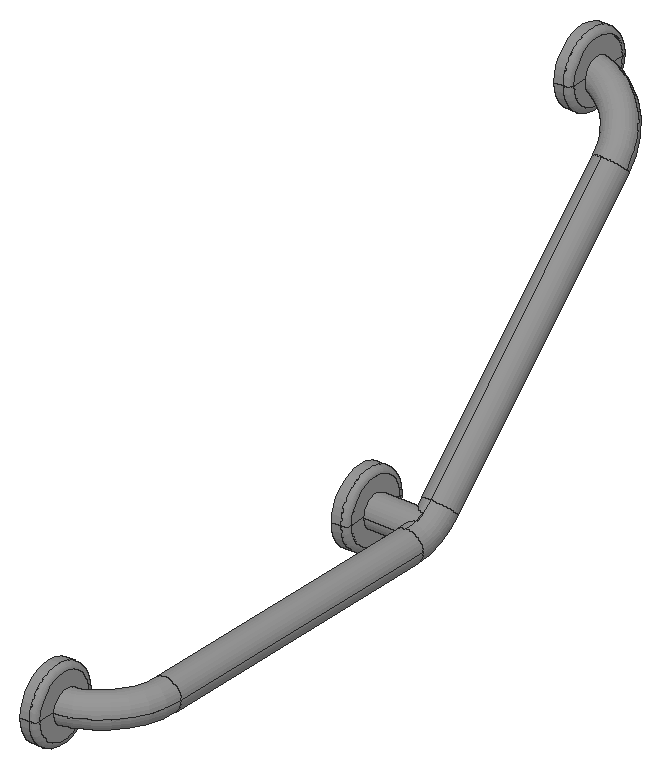
Revit family "60324_PRESTO_Barre coudée à 135° diamètre 32 mm_FR", category Appareils sanitaires, Revit 2018
Family settings
  Cote de connecteur circulaire = Utiliser le diamètre
  Type d'élément = Normal
  Basée sur le plan de construction = Non
  Toujours verticalement = Oui
  Couper avec des vides une fois chargée = Non
  Partagée = Non
  Point de calcul de pièce = Non
Parameters (values of type "60324 PRESTO Barre coudée à 135° diamètre 32 mm")
  Variantes = "60324"
  Keynote = ""
  Garantie = "3"
  URL Fabricant = "http://www.prestodatashare.com/centretelechargement/index.php?lang=FR&refs=60324"
  URL = "http://www.prestodatashare.com/centretelechargement/index.php?lang=FR&refs=60324"
  Lien notice d'utilisation = "http://www.prestodatashare.com/centretelechargement/support.php?lang=FR&ref=60324"
  Lien fiche produit = "http://www.prestodatashare.com/espacedoc/Fiches_Techniques/FR/60324.pdf"
  Reference = "60324"
  Pression = ""
  Profondeur = 757.979 mm
  Modèle = "60324 PRESTO BARRE 135° INOX Ø32MM"
  Matériau = PRESTO métal
  Lien CCTP = "http://www.prestodatashare.com/centretelechargement/index.php?lang=FR&refs=60324"
  Largeur = 82 mm
  Hauteur = 358.843 mm
  Fonction = "Dimensions :\r\n- Diamètre : 32 mm\r\n- Longueur : 400 x 400 mm\r\n\r\nMatière et couleur de finition :\r\n- Tube acier inox 304\r\n- Platine de fixation inox 304 soudée\r\n- Finition inox brossé\r\n\r\nLivré avec :\r\n- Rosaces en acier inox 304 permettant de dissimuler les vis de fixation\r\n\r\nNormes / Agréments :\r\n- Résistance au brouillard salin neutre (NSS) : 200 h selon NF ISO 9227"
  Finition = "- Tube acier inox 304\r\n- Platine de fixation inox 304 soudée\r\n- Finition poli satin"
  Fabricant = "LES ROBINETS PRESTO S.A."
  Description = "Barre de relèvement pour WC. De type presto réf. 60324 ou techniquement équivalent. Avec angle 135°, 3 points de fixation. En inox 304 brossé, de diamètre 32 mm et de longueur 400 x 400 mm. Livrée avec rosaces de finition à clipser."
  Debit = ""
  Raccordement = ""
  Adresse = "7, RUE RACINE - 92542 MONTROUGE CEDEX FRANCE"
Reference planes
  plane 1 "Centre (avant/arrière)": y = 0
  plane 2: z = 0
  plane 3 "Centre (gauche/droite)": x = 0
  plane 4: y = -757.979
  plane 5: x = 82
  plane 6: z = 358.843
  plane 7: z = 38
  plane 8: z = 320.843
Forms (mm)
  Extrusion 1, solid, material "PRESTO métal" <- "Matériau", detail levels coarse
    sketch origin (0, 0, 0) x (1, 0, 0) y (0, 1, 0)
      loop
        line (0, 0) -> (0, -757.979) -> (82, -757.979) -> (82, 0) -> (0, 0)
    from 0 to 358.843
  Revolve 2, solid, material "PRESTO métal" <- "Matériau", detail levels medium+fine
    sketch origin (0, -473.245, 321.65) x (1, 0, 0) y (0, 1, 0)
      loop
        line (15.6, 436.108) -> (0, 436.108) -> (0, 398.915) -> (9.585, 398.915)
        arc (9.585, 398.915) -> (13.838, 400.677) -> (15.6, 404.93) r 6.015
        line (15.6, 404.93) -> (15.6, 436.108)
      axis (0, 436.108) -> (15.6, 436.108)
    angle from 0 to 360
  Revolve 3, solid, material "PRESTO métal" <- "Matériau", detail levels medium+fine
    sketch origin (0, -757.979, 43.374) x (1, 0, 0) y (0, 1, 0)
      loop
        line (66, 420.108) -> (66, 436.108) -> (0, 436.108) -> (0, 398.915) -> (9.585, 398.915)
        arc (9.585, 398.915) -> (13.838, 400.677) -> (15.6, 404.93) r 6.015
        line (15.6, 404.93) -> (15.6, 420.108) -> (66, 420.108)
      axis (66, 436.108) -> (0, 436.108)
    angle from 0 to 360
  Revolve 4, solid, material "PRESTO métal" <- "Matériau", detail levels medium+fine
    sketch origin (0, -1156.087, 38.807) x (1, 0, 0) y (0, 1, 0)
      loop
        line (15.6, 436.108) -> (0, 436.108) -> (0, 398.915) -> (9.585, 398.915)
        arc (9.585, 398.915) -> (13.838, 400.677) -> (15.6, 404.93) r 6.015
        line (15.6, 404.93) -> (15.6, 436.108)
      axis (0, 436.108) -> (15.6, 436.108)
    angle from 0 to 360
  Sweep 5, solid, material "PRESTO métal" <- "Matériau", detail levels medium+fine
    path origin (0, 0, 0) x (1, 0, 0) y (0, 1, 0)
      loop
        arc (0, -719.979) -> (46.669, -700.648) -> (66, -653.979) r 66
        line (66, -653.979) -> (66, -344.832)
    profile origin (66, -499.405, 0) x (-1, 0, 0) y (0, 0, 1)
      loop
        circle (0, 38) r 16
  Sweep 6, solid, material "PRESTO métal" <- "Matériau", detail levels medium+fine
    path origin (0, 0, 0) x (0, 1, 0) y (0, 0, 1)
      loop
        line (-653.979, 38) -> (-344.832, 38)
        arc (-344.832, 38) -> (-321.871, 42.567) -> (-302.405, 55.574) r 60
        line (-302.405, 55.574) -> (-83.805, 274.174)
    profile origin (0, -499.405, 38) x (0, 0, 1) y (1, 0, 0)
      loop
        circle (0, 66) r 16
  Sweep 7, solid, material "PRESTO métal" <- "Matériau", detail levels medium+fine
    path origin (0, -573.108, -161.389) x (1, 0, 0) y (0, -0.707107, -0.707107)
      loop
        arc (66, -653.979) -> (46.669, -700.648) -> (0, -719.979) r 66
    profile origin (46.669, -77.675, 334.044) x (0.707107, 0.5, 0.5) y (0, 0.707107, -0.707107)
      loop
        circle (0, 38) r 16
Cuts and joins
  joined: Revolve 2, Revolve 3, Revolve 4, Sweep 5, Sweep 6, Sweep 7
Lines and regions (mm)
  Masking region 1, detail levels coarse
    outline origin (0, 0, 0) x (1, 0, 0) y (0, 1, 0)
      loop
        line (0, 0) -> (0, -757.979) -> (82, -757.979) -> (82, 0) -> (0, 0)
  Masking region 2, detail levels medium+fine
    outline origin (0, 0, 0) x (1, 0, 0) y (0, 1, 0)
      loop
        line (15.6, -320.088) -> (15.6, -290.693)
        arc (15.6, -290.693) -> (13.838, -286.44) -> (9.585, -284.678) r 6.015
        line (9.585, -284.678) -> (0, -284.678) -> (0, -321.871) -> (0, -359.064) -> (9.585, -359.064)
        arc (9.585, -359.064) -> (13.838, -357.302) -> (15.6, -353.049) r 6.015
        line (15.6, -353.049) -> (15.6, -320.088)
      loop
        line (15.6, -719.003) -> (15.6, -689.608)
        arc (15.6, -689.608) -> (13.838, -685.355) -> (9.585, -683.593) r 6.015
        line (9.585, -683.593) -> (0, -683.593) -> (0, -720.786) -> (0, -757.979) -> (9.585, -757.979)
        arc (9.585, -757.979) -> (13.838, -756.217) -> (15.6, -751.964) r 6.015
        line (15.6, -751.964) -> (15.6, -719.003)
      loop
        line (15.6, -35.353) -> (15.6, -5.958)
        arc (15.6, -5.958) -> (13.838, -1.705) -> (9.585, 0.057) r 6.015
        line (9.585, 0.057) -> (0, 0.057) -> (0, -37.136) -> (0, -74.329) -> (9.585, -74.329)
        arc (9.585, -74.329) -> (13.838, -72.568) -> (15.6, -68.315) r 6.015
        line (15.6, -68.315) -> (15.6, -35.353)
  Masking region 3, detail levels medium+fine
    outline origin (0, 0, 0) x (1, 0, 0) y (0, 1, 0)
      loop
        line (50, -337.871) -> (50, -321.871) -> (50, -305.871) -> (15.6, -305.871) -> (15.6, -337.871) -> (50, -337.871)
  Masking region 4, detail levels medium+fine
    outline origin (0, 0, 0) x (1, 0, 0) y (0, 1, 0)
      loop
        line (15.6, -701.483) -> (15.6, -734.481)
        arc (15.6, -734.481) -> (63.258, -706.156) -> (82, -653.979) r 82
        line (82, -653.979) -> (82, -102.783)
        arc (82, -102.783) -> (63.258, -50.607) -> (15.6, -22.281) r 82
        line (15.6, -22.281) -> (15.6, -55.279)
        arc (15.6, -55.279) -> (40.497, -73.458) -> (50, -102.783) r 50
        line (50, -102.783) -> (50, -653.979)
        arc (50, -653.979) -> (40.497, -683.305) -> (15.6, -701.483) r 50
Dimensions and locks
  "Profondeur": plane 1 "Centre (avant/arrière)" to plane 4
  "Largeur": plane 3 "Centre (gauche/droite)" to plane 5
  "Hauteur": plane 6 to level
  plane 3 "Centre (gauche/droite)" to plane 5 = 82 mm
  aligned and locked: level to plane 2
  aligned and locked: plane 1 "Centre (avant/arrière)" to Extrusion 1 sketch curve
  aligned and locked: plane 3 "Centre (gauche/droite)" to Extrusion 1 sketch curve
  aligned and locked: plane 4 to Extrusion 1 sketch curve
  aligned and locked: plane 5 to Extrusion 1 sketch curve
  aligned and locked: plane 6 to Extrusion 1
  aligned and locked: Masking region 1 sketch curve to Extrusion 1  (x4)
Automatic sketch dimensions
  Revolve 2 sketch curve to plane 3 "Centre (gauche/droite)" = 0 mm  (x2)
  plane 3 "Centre (gauche/droite)" to Revolve 2 sketch curve = 9.585 mm
  Revolve 2 sketch curve to Revolve 2 sketch curve = 6.015 mm
  plane 1 "Centre (avant/arrière)" to Revolve 2 sketch curve = 74.329 mm
  Revolve 2 sketch curve to Revolve 2 sketch curve = 31.178 mm
  Revolve 2 sketch curve to plane 3 "Centre (gauche/droite)" = 15 mm
  Revolve 2 sketch curve to Revolve 2 sketch curve = 0 mm
  Revolve 3 sketch curve to plane 3 "Centre (gauche/droite)" = 0 mm  (x2)
  Revolve 3 sketch curve to Revolve 3 sketch curve = 9.585 mm
  Revolve 3 sketch curve to Revolve 3 sketch curve = 6.015 mm
  plane 5 to Revolve 3 sketch curve = 16 mm
  plane 1 "Centre (avant/arrière)" to Revolve 3 sketch curve = 359.064 mm
  Revolve 3 sketch curve to Revolve 3 sketch curve = 15.178 mm
  Revolve 3 sketch curve to Revolve 3 sketch curve = 16 mm
  Revolve 3 sketch curve to Revolve 3 sketch curve = 7.037 mm
  Revolve 3 sketch curve to Revolve 3 sketch curve = 0 mm
  Revolve 4 sketch curve to plane 3 "Centre (gauche/droite)" = 0 mm  (x2)
  plane 3 "Centre (gauche/droite)" to Revolve 4 sketch curve = 9.585 mm
  Revolve 4 sketch curve to Revolve 4 sketch curve = 6.015 mm
  plane 4 to Revolve 4 sketch curve = 0.807 mm
  Revolve 4 sketch curve to Revolve 4 sketch curve = 31.178 mm
  Revolve 4 sketch curve to Revolve 4 sketch curve = 40 mm
  plane 4 to Revolve 4 sketch curve = 38 mm
  Sweep 5 sketch curve to plane 3 "Centre (gauche/droite)" = 0 mm
  plane 5 to Sweep 5 sketch curve = 16 mm
  plane 4 to Sweep 5 sketch curve = 104 mm
  Sweep 5 sketch curve to Sweep 5 sketch curve = 309.147 mm
  Sweep 5 sketch curve to profile plane = 0 mm
  level to Sweep 5 sketch curve = 38 mm
  Sweep 6 sketch curve to plane 7 = 60 mm
  plane 1 "Centre (avant/arrière)" to Sweep 6 sketch curve = 344.832 mm
  plane 4 to Sweep 6 sketch curve = 104 mm
  Sweep 6 sketch curve to plane 7 = 0 mm
  Sweep 6 sketch curve to plane 7 = 17.574 mm
  plane 1 "Centre (avant/arrière)" to Sweep 6 sketch curve = 83.805 mm
  plane 8 to Sweep 6 sketch curve = 46.669 mm
  Sweep 6 sketch curve to profile plane = 0 mm
  plane 3 "Centre (gauche/droite)" to Sweep 6 sketch curve = 66 mm
  Sweep 7 sketch curve to plane 3 "Centre (gauche/droite)" = 0 mm
  Sweep 7 sketch curve to profile plane = 0 mm
  profile plane to Sweep 7 sketch curve = 38 mm
  plane 5 to Sweep 7 sketch curve = 16 mm
  Masking region 2 sketch curve to plane 3 "Centre (gauche/droite)" = 0 mm  (x3)
  Masking region 2 sketch curve to plane 4 = 0 mm
  plane 3 "Centre (gauche/droite)" to Masking region 2 sketch curve = 9.585 mm  (x4)
  Masking region 2 sketch curve to Masking region 2 sketch curve = 9.585 mm  (x2)
  Masking region 2 sketch curve to plane 1 "Centre (avant/arrière)" = 0.057 mm
  plane 3 "Centre (gauche/droite)" to Masking region 2 sketch curve = 15.6 mm
  Masking region 2 sketch curve to Masking region 2 sketch curve = 6.015 mm  (x2)
  Masking region 2 sketch curve to Masking region 2 sketch curve = 31.178 mm  (x3)
  Masking region 2 sketch curve to Masking region 2 sketch curve = 1.783 mm  (x3)
  Masking region 2 sketch curve to Masking region 2 sketch curve = 29.395 mm  (x2)
  Masking region 2 sketch curve to Masking region 2 sketch curve = 324.53 mm
  Masking region 2 sketch curve to Masking region 2 sketch curve = 68.371 mm
  plane 5 to Masking region 3 sketch curve = 32 mm
  plane 1 "Centre (avant/arrière)" to Masking region 3 sketch curve = 337.871 mm
  Masking region 3 sketch curve to Masking region 3 sketch curve = 16 mm  (x2)
  plane 3 "Centre (gauche/droite)" to Masking region 3 sketch curve = 15.6 mm
  Masking region 4 sketch curve to Masking region 4 sketch curve = 0 mm  (x4)
  Masking region 4 sketch curve to plane 3 "Centre (gauche/droite)" = 0 mm  (x2)
  Masking region 4 sketch curve to plane 5 = 0 mm
  plane 3 "Centre (gauche/droite)" to Masking region 4 sketch curve = 15.6 mm  (x2)
  plane 5 to Masking region 4 sketch curve = 32 mm
  plane 4 to Masking region 4 sketch curve = 23.498 mm
  plane 1 "Centre (avant/arrière)" to Masking region 4 sketch curve = 102.783 mm
  radius of Sweep 5 sketch curve = 16 mm
  radius of Sweep 6 sketch curve = 16 mm
  radius of Sweep 7 sketch curve = 16 mm
